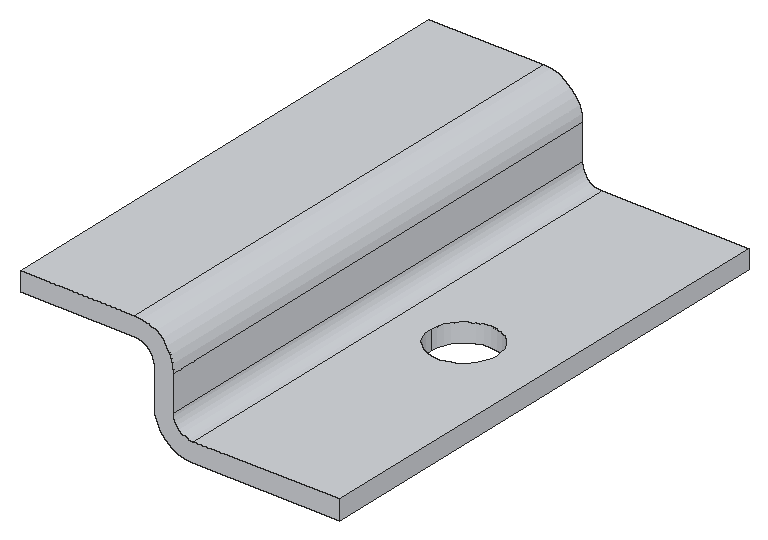
Revit family "Z-Niederhalter 80 mm, Loch 10.5 mm", category HLS-Bauteile, Revit 2018
Family settings
  Bemaßung runder Anschluss = Durchmesser verwenden
  Teiletyp = Normal
  Arbeitsebenenbasiert = Ja
  Immer vertikal = Nein
  Beim Laden mit Abzugskörper schneiden = Nein
  Gemeinsam genutzt = Ja
  Raumberechnungspunkt = Nein
Parameters (values of type "Z Niederhalter 80, 1 Loch 10,5, V4A")
  max. zul. Abhebelast (Paar) = 0.00 kN
  max. Plattenstärke = "12 mm"
  Default Elevation = 1219.2 mm
  Stärke Material 2 = ""
  Stärke Material 1 = "3 mm"
  Regelhalter [instance] = ""
  Profiltyp = ""
  Materialname = "V4A"
  Material = "Edelstahl"
  MD = 3 mm  # constant formula
  Länge = 80 mm
  L = 80 mm  # constant formula
  Kurztext2 = "max. Plattenstärke 12 mm"
  Kurztext1 = "Z-Niederhalter Gleitplatte V4A"
  Höhe = "15 mm"
  Gewicht pro Bauteil = Gewicht  # 0.102 kg
  Gewicht = 0.102 kg
  Firma = "MEFA Befestigungs- und Montagesysteme GmbH"
  Fabrikat = "MEFA"
  EAN = "4250928418555"
  D = 10.5 mm  # constant formula
  Breite = 45 mm
  Befestigungsloch = "10.5 mm"
  Artikelnummer = "0779516"
  Anzahl Befestigungsloch = "1 St"
  Achsabstand Lochung = ""
Types (3, lengths in mm): name | Materialname | Kurztext1 | EAN | Artikelnummer
  (no name) | "V4A" | "Z-Niederhalter Gleitplatte V4A" | "4250928418555" | "0779516"
  Z Niederhalter 80, 1 Loch 10,5, V2A | "V2A" | "Z-Niederhalter Gleitplatte V2A" | "4250928418517" | "0779511"
  Z Niederhalter 80, 1 Loch 10,5, V4A | "V4A" | "Z-Niederhalter Gleitplatte V4A" | "4250928418555" | "0779516"
Reference planes
  plane 1 "Mitte (Vorne/hinten)": y = 0
  plane 2: z = 0
  plane 3 "Mitte (Links/rechts)": x = 0
  plane 4: x = 29
  plane 5: x = -21
  plane 6: z = 14.5
  plane 7: x = 16.5
  plane 8: y = 40
  plane 9: y = -40
Forms (mm)
  Sweep 1, solid
    path origin (0, 0, 0) x (1, 0, 0) y (0, 0, 1)
      loop
        line (29, 0) -> (6, 0)
        arc (6, 0) -> (1.757, 1.757) -> (0, 6) r 6
        line (0, 6) -> (0, 11.5)
        arc (0, 11.5) -> (-0.879, 13.621) -> (-3, 14.5) r 3
        line (-3, 14.5) -> (-21, 14.5)
    profile origin (17.5, 0, 0) x (0, 0, -1) y (0, -1, 0)
      loop
        line (0, 0) -> (0, 40) -> (-3, 40) -> (-3, -40) -> (0, -40) -> (0, 0)
  Extrusion 2, void
    sketch origin (0, 0, 0) x (1, 0, 0) y (0, 1, 0)
      loop
        circle (16.5, 0) r 5.25
    from -50 to 50
Cuts and joins
  Extrusion 2 cuts Sweep 1
Lines and regions (mm)
  model lines, not visible
    curve 1: line (16.5, 0, 12.493) -> (16.5, 0, -7.507)
Dimensions and locks
  equal spacing: plane 8, plane 1 "Mitte (Vorne/hinten)", plane 9, locked at 40 each
  "L": plane 8 to plane 9
  "MD": Sweep 1 sketch curve to Sweep 1 sketch curve
  "D": diameter of Extrusion 2 sketch curve
  aligned and locked: level to plane 2
  aligned and locked: plane 4 to Sweep 1 sketch curve
  aligned and locked: plane 5 to Sweep 1 sketch curve
  aligned and locked: Sweep 1 sketch curve to plane 3 "Mitte (Links/rechts)"
  aligned and locked: Sweep 1 sketch curve to level  (x2)
  aligned and locked: Sweep 1 sketch curve to plane 8
  aligned and locked: Sweep 1 sketch curve to plane 9
  aligned and locked: curve 1 to plane 7
  aligned and locked: curve 1 to plane 1 "Mitte (Vorne/hinten)"
Automatic sketch dimensions
  Sweep 1 sketch curve to plane 3 "Mitte (Links/rechts)" = 3 mm
  plane 3 "Mitte (Links/rechts)" to Sweep 1 sketch curve = 6 mm
  Sweep 1 sketch curve to plane 6 = 0 mm
  curve 1 to level = 7.507 mm
  curve 1 to plane 6 = 2.007 mm
  Sweep 1 sketch curve to plane 1 "Mitte (Vorne/hinten)" = 0 mm
  plane 1 "Mitte (Vorne/hinten)" to Extrusion 2 sketch curve = 0 mm
  Extrusion 2 sketch curve to plane 7 = 0 mm
